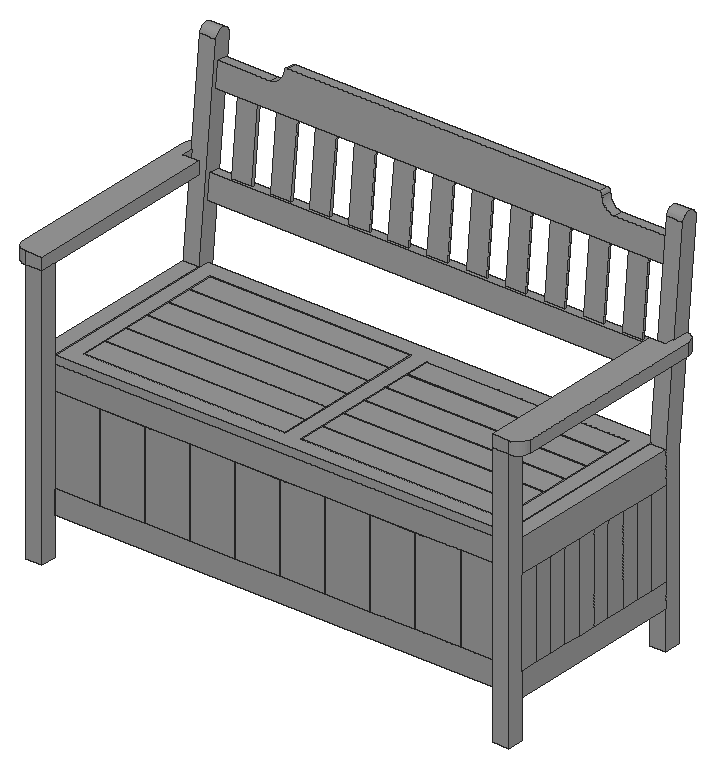
Revit family "Скамейка деревянная «Суздаль» Арт 15194", category Антураж, Revit 2018
Family settings
  На основе рабочей плоскости = Нет
  Всегда вертикально = Да
  При загрузке вырезать с полостями = Нет
  Источник визуального образа = Геометрия семейства
  Общий = Нет
  Точка расчета площади = Нет
Parameters (values of type "Скамейка деревянная «Суздаль»")
  Ширина = 581 mm  # constant formula
  Цвет лавки = Лиственница
  Описание = "Скамейка деревянная «Суздаль»"  # constant formula
  Материал изделия = "Дерево"  # constant formula
  Изображение типоразмера = Скамейка деревянная «Суздаль» Арт 15194.jpg
  Изготовитель = "ООО «Хоббика»"  # constant formula
  Длина = 1200 mm  # constant formula
  Группа модели = "Садовые скамейки"  # constant formula
  Высота = 951 mm  # constant formula
  Артикул товара = "Арт. 15194"  # constant formula
  URL = "https://hobbyka.ru/product/skameyka_derevyannaya_suzdal/"
Reference planes
  plane 1 "По центру (Вперед/Назад)": y = 0
  plane 2: z = 0
  plane 3 "По центру (Влево/Вправо)": x = 0
  plane 4: x = 1200
  plane 5: y = 581
  plane 6: z = 951
Forms (mm)
  Extrusion 1, solid, material "Лиственница" <- "Цвет лавки"
    sketch origin (0, 0, 0) x (0, 1, 0) y (0, 0, 1)
      loop
        line (0, 0) -> (40, 0) -> (40, 655) -> (0, 655) -> (0, 0)
      loop
        line (528.626, 431.648) -> (580.89, 928.909)
        arc (580.89, 928.909) -> (563.091, 950.89) -> (541.11, 933.091) r 20
        line (541.11, 933.091) -> (488.845, 435.83) -> (488.845, 0) -> (528.626, 0) -> (528.626, 431.648)
    from 0 to 40
  Extrusion 2, solid, material "Лиственница" <- "Цвет лавки"
    sketch origin (0, 0, 0) x (1, 0, 0) y (0, 1, 0)
      loop
        arc (0, 551) -> (-21.213, 542.213) -> (-30, 521) r 30
        line (-30, 521) -> (-30, 30)
        arc (-30, 30) -> (-21.213, 8.787) -> (0, 0) r 30
        line (0, 0) -> (40, 0) -> (40, 488.845) -> (0, 488.845) -> (0, 551)
    from 655 to 685
  Extrusion 3, solid, material "Лиственница" <- "Цвет лавки"
    sketch origin (1200, 0, 0) x (0, 1, 0) y (0, 0, -1)
      loop
        line (0, 0) -> (0, -655) -> (40, -655) -> (40, 0) -> (0, 0)
      loop
        line (528.626, -431.648) -> (528.626, 0) -> (488.845, 0) -> (488.845, -435.83) -> (541.11, -933.091)
        arc (541.11, -933.091) -> (563.091, -950.89) -> (580.89, -928.909) r 20
        line (580.89, -928.909) -> (528.626, -431.648)
    from 0 to 40
  Extrusion 4, solid, material "Лиственница" <- "Цвет лавки"
    sketch origin (1200, 0, 0) x (-1, 0, 0) y (0, -1, 0)
      loop
        line (0, -551) -> (0, -488.845) -> (40, -488.845) -> (40, 0) -> (0, 0)
        arc (0, 0) -> (-21.213, -8.787) -> (-30, -30) r 30
        line (-30, -30) -> (-30, -521)
        arc (-30, -521) -> (-21.213, -542.213) -> (0, -551) r 30
    from 655 to 685
  Extrusion 5, solid, material "Лиственница" <- "Цвет лавки"
    sketch origin (0, 0, 0) x (1, 0, 0) y (0, 0, 1)
      loop
        line (40, 430) -> (40, 370) -> (1160, 370) -> (1160, 430) -> (40, 430)
      loop
        line (40, 155) -> (40, 95) -> (1160, 95) -> (1160, 155) -> (40, 155)
    from -100 to -40
  Extrusion 6, solid, material "Лиственница" <- "Цвет лавки"
    sketch origin (0, 0, 0) x (1, 0, 0) y (0, 0, 1)
      loop
        line (40, 430) -> (40, 370) -> (1160, 370) -> (1160, 430) -> (40, 430)
      loop
        line (40, 155) -> (40, 95) -> (1160, 95) -> (1160, 155) -> (40, 155)
    from -455 to -515
  Extrusion 7, solid, material "Лиственница" <- "Цвет лавки"
    sketch origin (0, 460.949, -20.922) x (1, 0, 0) y (0, 0.104528, 0.994522)
      loop
        line (40, 911) -> (40, 851) -> (1160, 851) -> (1160, 911) -> (1027.5, 911)
        arc (1027.5, 911) -> (1004.519, 920.519) -> (995, 943.5) r 32.5
        arc (995, 943.5) -> (992.803, 948.803) -> (987.5, 951) r 7.5
        line (987.5, 951) -> (212.5, 951)
        arc (212.5, 951) -> (207.197, 948.803) -> (205, 943.5) r 7.5
        arc (205, 943.5) -> (195.481, 920.519) -> (172.5, 911) r 32.5
        line (172.5, 911) -> (40, 911)
      loop
        line (40, 671) -> (40, 611) -> (1160, 611) -> (1160, 671) -> (40, 671)
    from -12.5 to 12.5
  Extrusion 8, solid, material "Лиственница" <- "Цвет лавки"
    sketch origin (0, 0, 0) x (0, 1, 0) y (0, 0, 1)
      loop
        line (40, 155) -> (40, 95) -> (488.845, 95) -> (488.845, 155) -> (40, 155)
      loop
        line (40, 450) -> (40, 370) -> (488.845, 370) -> (488.845, 450) -> (40, 450)
    from 0 to 40
  Extrusion 9, solid, material "Лиственница" <- "Цвет лавки"
    sketch origin (1200, 0, 0) x (0, 1, 0) y (0, 0, -1)
      loop
        line (40, -155) -> (488.845, -155) -> (488.845, -95) -> (40, -95) -> (40, -155)
      loop
        line (40, -450) -> (488.845, -450) -> (488.845, -370) -> (40, -370) -> (40, -450)
    from 0 to 40
  Extrusion 10, solid, material "Лиственница" <- "Цвет лавки"
    sketch origin (0, 0, 0) x (1, 0, 0) y (0, 1, 0)
      loop
        line (1160, 512.384) -> (40, 512.384) -> (40, 40) -> (1160, 40) -> (1160, 512.384)
      loop
        line (1120, 472.384) -> (620, 472.384) -> (620, 80) -> (1120, 80) -> (1120, 472.384)
      loop
        line (80, 472.384) -> (80, 80) -> (580, 80) -> (580, 472.384) -> (80, 472.384)
    from 430 to 450
  Extrusion 11, solid, material "Лиственница" <- "Цвет лавки"
    sketch origin (0, 0, 0) x (1, 0, 0) y (0, 1, 0)
      loop
        line (80, 472.384) -> (80, 407.384) -> (580, 407.384) -> (580, 472.384) -> (80, 472.384)
      loop
        line (620, 472.384) -> (620, 407.384) -> (1120, 407.384) -> (1120, 472.384) -> (620, 472.384)
    from 430 to 450
  Extrusion 12, solid, material "Лиственница" <- "Цвет лавки"
    sketch origin (0, -327.384, 0) x (1, 0, 0) y (0, 1, 0)
      loop
        line (80, 472.384) -> (80, 407.384) -> (580, 407.384) -> (580, 472.384) -> (80, 472.384)
      loop
        line (620, 472.384) -> (620, 407.384) -> (1120, 407.384) -> (1120, 472.384) -> (620, 472.384)
    from 430 to 450
  Extrusion 13, solid, material "Лиственница" <- "Цвет лавки"
    sketch origin (0, -65.477, 0) x (1, 0, 0) y (0, 1, 0)
      loop
        line (80, 472.384) -> (80, 407.384) -> (580, 407.384) -> (580, 472.384) -> (80, 472.384)
      loop
        line (620, 472.384) -> (620, 407.384) -> (1120, 407.384) -> (1120, 472.384) -> (620, 472.384)
    from 430 to 450
  Extrusion 14, solid, material "Лиственница" <- "Цвет лавки"
    sketch origin (0, -130.954, 0) x (1, 0, 0) y (0, 1, 0)
      loop
        line (80, 472.384) -> (80, 407.384) -> (580, 407.384) -> (580, 472.384) -> (80, 472.384)
      loop
        line (620, 472.384) -> (620, 407.384) -> (1120, 407.384) -> (1120, 472.384) -> (620, 472.384)
    from 430 to 450
  Extrusion 15, solid, material "Лиственница" <- "Цвет лавки"
    sketch origin (0, -196.431, 0) x (1, 0, 0) y (0, 1, 0)
      loop
        line (80, 472.384) -> (80, 407.384) -> (580, 407.384) -> (580, 472.384) -> (80, 472.384)
      loop
        line (620, 472.384) -> (620, 407.384) -> (1120, 407.384) -> (1120, 472.384) -> (620, 472.384)
    from 430 to 450
  Extrusion 16, solid, material "Лиственница" <- "Цвет лавки"
    sketch origin (0, -261.907, 0) x (1, 0, 0) y (0, 1, 0)
      loop
        line (80, 472.384) -> (80, 407.384) -> (580, 407.384) -> (580, 472.384) -> (80, 472.384)
      loop
        line (620, 472.384) -> (620, 407.384) -> (1120, 407.384) -> (1120, 472.384) -> (620, 472.384)
    from 430 to 450
  Extrusion 17, solid, material "Лиственница" <- "Цвет лавки"
    sketch origin (0, 448.517, -19.616) x (1, 0, 0) y (0, 0.104528, 0.994522)
      loop
        line (90, 851) -> (90, 671) -> (140, 671) -> (140, 851) -> (90, 851)
    from -15 to -10
  Extrusion 18, solid, material "Лиственница" <- "Цвет лавки"
    sketch origin (970, 448.517, -19.616) x (1, 0, 0) y (0, 0.104528, 0.994522)
      loop
        line (90, 851) -> (90, 671) -> (140, 671) -> (140, 851) -> (90, 851)
    from -15 to -10
  Extrusion 19, solid, material "Лиственница" <- "Цвет лавки"
    sketch origin (97, 448.517, -19.616) x (1, 0, 0) y (0, 0.104528, 0.994522)
      loop
        line (90, 851) -> (90, 671) -> (140, 671) -> (140, 851) -> (90, 851)
    from -15 to -10
  Extrusion 20, solid, material "Лиственница" <- "Цвет лавки"
    sketch origin (194, 448.517, -19.616) x (1, 0, 0) y (0, 0.104528, 0.994522)
      loop
        line (90, 851) -> (90, 671) -> (140, 671) -> (140, 851) -> (90, 851)
    from -15 to -10
  Extrusion 21, solid, material "Лиственница" <- "Цвет лавки"
    sketch origin (291, 448.517, -19.616) x (1, 0, 0) y (0, 0.104528, 0.994522)
      loop
        line (90, 851) -> (90, 671) -> (140, 671) -> (140, 851) -> (90, 851)
    from -15 to -10
  Extrusion 22, solid, material "Лиственница" <- "Цвет лавки"
    sketch origin (388, 448.517, -19.616) x (1, 0, 0) y (0, 0.104528, 0.994522)
      loop
        line (90, 851) -> (90, 671) -> (140, 671) -> (140, 851) -> (90, 851)
    from -15 to -10
  Extrusion 23, solid, material "Лиственница" <- "Цвет лавки"
    sketch origin (485, 448.517, -19.616) x (1, 0, 0) y (0, 0.104528, 0.994522)
      loop
        line (90, 851) -> (90, 671) -> (140, 671) -> (140, 851) -> (90, 851)
    from -15 to -10
  Extrusion 24, solid, material "Лиственница" <- "Цвет лавки"
    sketch origin (582, 448.517, -19.616) x (1, 0, 0) y (0, 0.104528, 0.994522)
      loop
        line (90, 851) -> (90, 671) -> (140, 671) -> (140, 851) -> (90, 851)
    from -15 to -10
  Extrusion 25, solid, material "Лиственница" <- "Цвет лавки"
    sketch origin (679, 448.517, -19.616) x (1, 0, 0) y (0, 0.104528, 0.994522)
      loop
        line (90, 851) -> (90, 671) -> (140, 671) -> (140, 851) -> (90, 851)
    from -15 to -10
  Extrusion 26, solid, material "Лиственница" <- "Цвет лавки"
    sketch origin (776, 448.517, -19.616) x (1, 0, 0) y (0, 0.104528, 0.994522)
      loop
        line (90, 851) -> (90, 671) -> (140, 671) -> (140, 851) -> (90, 851)
    from -15 to -10
  Extrusion 27, solid, material "Лиственница" <- "Цвет лавки"
    sketch origin (873, 448.517, -19.616) x (1, 0, 0) y (0, 0.104528, 0.994522)
      loop
        line (90, 851) -> (90, 671) -> (140, 671) -> (140, 851) -> (90, 851)
    from -15 to -10
  Extrusion 28, solid, material "Лиственница" <- "Цвет лавки"
    sketch origin (0, 0, 0) x (1, 0, 0) y (0, 0, 1)
      loop
        line (40, 370) -> (40, 155) -> (152, 155) -> (152, 370) -> (40, 370)
    from -40 to -58.282
  Extrusion 29, solid, material "Лиственница" <- "Цвет лавки"
    sketch origin (1008, 0, 0) x (1, 0, 0) y (0, 0, 1)
      loop
        line (40, 370) -> (40, 155) -> (152, 155) -> (152, 370) -> (40, 370)
    from -40 to -58.282
  Extrusion 30, solid, material "Лиственница" <- "Цвет лавки"
    sketch origin (112, 0, 0) x (1, 0, 0) y (0, 0, 1)
      loop
        line (40, 370) -> (40, 155) -> (152, 155) -> (152, 370) -> (40, 370)
    from -40 to -58.282
  Extrusion 31, solid, material "Лиственница" <- "Цвет лавки"
    sketch origin (224, 0, 0) x (1, 0, 0) y (0, 0, 1)
      loop
        line (40, 370) -> (40, 155) -> (152, 155) -> (152, 370) -> (40, 370)
    from -40 to -58.282
  Extrusion 32, solid, material "Лиственница" <- "Цвет лавки"
    sketch origin (336, 0, 0) x (1, 0, 0) y (0, 0, 1)
      loop
        line (40, 370) -> (40, 155) -> (152, 155) -> (152, 370) -> (40, 370)
    from -40 to -58.282
  Extrusion 33, solid, material "Лиственница" <- "Цвет лавки"
    sketch origin (448, 0, 0) x (1, 0, 0) y (0, 0, 1)
      loop
        line (40, 370) -> (40, 155) -> (152, 155) -> (152, 370) -> (40, 370)
    from -40 to -58.282
  Extrusion 34, solid, material "Лиственница" <- "Цвет лавки"
    sketch origin (560, 0, 0) x (1, 0, 0) y (0, 0, 1)
      loop
        line (40, 370) -> (40, 155) -> (152, 155) -> (152, 370) -> (40, 370)
    from -40 to -58.282
  Extrusion 35, solid, material "Лиственница" <- "Цвет лавки"
    sketch origin (672, 0, 0) x (1, 0, 0) y (0, 0, 1)
      loop
        line (40, 370) -> (40, 155) -> (152, 155) -> (152, 370) -> (40, 370)
    from -40 to -58.282
  Extrusion 36, solid, material "Лиственница" <- "Цвет лавки"
    sketch origin (784, 0, 0) x (1, 0, 0) y (0, 0, 1)
      loop
        line (40, 370) -> (40, 155) -> (152, 155) -> (152, 370) -> (40, 370)
    from -40 to -58.282
  Extrusion 37, solid, material "Лиственница" <- "Цвет лавки"
    sketch origin (896, 0, 0) x (1, 0, 0) y (0, 0, 1)
      loop
        line (40, 370) -> (40, 155) -> (152, 155) -> (152, 370) -> (40, 370)
    from -40 to -58.282
  Extrusion 38, solid, material "Лиственница" <- "Цвет лавки"
    sketch origin (0, 528.626, 0) x (1, 0, 0) y (0, 0, -1)
      loop
        line (40, -370) -> (152, -370) -> (152, -155) -> (40, -155) -> (40, -370)
    from -40 to -58.282
  Extrusion 39, solid, material "Лиственница" <- "Цвет лавки"
    sketch origin (1008, 528.626, 0) x (1, 0, 0) y (0, 0, -1)
      loop
        line (40, -370) -> (152, -370) -> (152, -155) -> (40, -155) -> (40, -370)
    from -40 to -58.282
  Extrusion 40, solid, material "Лиственница" <- "Цвет лавки"
    sketch origin (112, 528.626, 0) x (1, 0, 0) y (0, 0, -1)
      loop
        line (40, -370) -> (152, -370) -> (152, -155) -> (40, -155) -> (40, -370)
    from -40 to -58.282
  Extrusion 41, solid, material "Лиственница" <- "Цвет лавки"
    sketch origin (224, 528.626, 0) x (1, 0, 0) y (0, 0, -1)
      loop
        line (40, -370) -> (152, -370) -> (152, -155) -> (40, -155) -> (40, -370)
    from -40 to -58.282
  Extrusion 42, solid, material "Лиственница" <- "Цвет лавки"
    sketch origin (336, 528.626, 0) x (1, 0, 0) y (0, 0, -1)
      loop
        line (40, -370) -> (152, -370) -> (152, -155) -> (40, -155) -> (40, -370)
    from -40 to -58.282
  Extrusion 43, solid, material "Лиственница" <- "Цвет лавки"
    sketch origin (448, 528.626, 0) x (1, 0, 0) y (0, 0, -1)
      loop
        line (40, -370) -> (152, -370) -> (152, -155) -> (40, -155) -> (40, -370)
    from -40 to -58.282
  Extrusion 44, solid, material "Лиственница" <- "Цвет лавки"
    sketch origin (560, 528.626, 0) x (1, 0, 0) y (0, 0, -1)
      loop
        line (40, -370) -> (152, -370) -> (152, -155) -> (40, -155) -> (40, -370)
    from -40 to -58.282
  Extrusion 45, solid, material "Лиственница" <- "Цвет лавки"
    sketch origin (672, 528.626, 0) x (1, 0, 0) y (0, 0, -1)
      loop
        line (40, -370) -> (152, -370) -> (152, -155) -> (40, -155) -> (40, -370)
    from -40 to -58.282
  Extrusion 46, solid, material "Лиственница" <- "Цвет лавки"
    sketch origin (784, 528.626, 0) x (1, 0, 0) y (0, 0, -1)
      loop
        line (40, -370) -> (152, -370) -> (152, -155) -> (40, -155) -> (40, -370)
    from -40 to -58.282
  Extrusion 47, solid, material "Лиственница" <- "Цвет лавки"
    sketch origin (896, 528.626, 0) x (1, 0, 0) y (0, 0, -1)
      loop
        line (40, -370) -> (152, -370) -> (152, -155) -> (40, -155) -> (40, -370)
    from -40 to -58.282
  Extrusion 48, solid, material "Лиственница" <- "Цвет лавки"
    sketch origin (0, 0, 0) x (1, 0, 0) y (0, 1, 0)
      loop
        line (40, 455) -> (40, 100) -> (1160, 100) -> (1160, 455) -> (40, 455)
    from 95 to 112.35
  Extrusion 49, solid, material "Лиственница" <- "Цвет лавки"
    sketch origin (0, 0, 0) x (0, 1, 0) y (0, 0, 1)
      loop
        line (488.845, 370) -> (443.945, 370) -> (443.945, 155) -> (488.845, 155) -> (488.845, 370)
    from 0 to 40
  Extrusion 50, solid, material "Лиственница" <- "Цвет лавки"
    sketch origin (0, -403.945, 0) x (0, 1, 0) y (0, 0, 1)
      loop
        line (488.845, 370) -> (443.945, 370) -> (443.945, 155) -> (488.845, 155) -> (488.845, 370)
    from 0 to 40
  Extrusion 51, solid, material "Лиственница" <- "Цвет лавки"
    sketch origin (0, -44.883, 0) x (0, 1, 0) y (0, 0, 1)
      loop
        line (488.845, 370) -> (443.945, 370) -> (443.945, 155) -> (488.845, 155) -> (488.845, 370)
    from 0 to 40
  Extrusion 52, solid, material "Лиственница" <- "Цвет лавки"
    sketch origin (0, -89.766, 0) x (0, 1, 0) y (0, 0, 1)
      loop
        line (488.845, 370) -> (443.945, 370) -> (443.945, 155) -> (488.845, 155) -> (488.845, 370)
    from 0 to 40
  Extrusion 53, solid, material "Лиственница" <- "Цвет лавки"
    sketch origin (0, -134.648, 0) x (0, 1, 0) y (0, 0, 1)
      loop
        line (488.845, 370) -> (443.945, 370) -> (443.945, 155) -> (488.845, 155) -> (488.845, 370)
    from 0 to 40
  Extrusion 54, solid, material "Лиственница" <- "Цвет лавки"
    sketch origin (0, -179.531, 0) x (0, 1, 0) y (0, 0, 1)
      loop
        line (488.845, 370) -> (443.945, 370) -> (443.945, 155) -> (488.845, 155) -> (488.845, 370)
    from 0 to 40
  Extrusion 55, solid, material "Лиственница" <- "Цвет лавки"
    sketch origin (0, -224.414, 0) x (0, 1, 0) y (0, 0, 1)
      loop
        line (488.845, 370) -> (443.945, 370) -> (443.945, 155) -> (488.845, 155) -> (488.845, 370)
    from 0 to 40
  Extrusion 56, solid, material "Лиственница" <- "Цвет лавки"
    sketch origin (0, -269.297, 0) x (0, 1, 0) y (0, 0, 1)
      loop
        line (488.845, 370) -> (443.945, 370) -> (443.945, 155) -> (488.845, 155) -> (488.845, 370)
    from 0 to 40
  Extrusion 57, solid, material "Лиственница" <- "Цвет лавки"
    sketch origin (0, -314.18, 0) x (0, 1, 0) y (0, 0, 1)
      loop
        line (488.845, 370) -> (443.945, 370) -> (443.945, 155) -> (488.845, 155) -> (488.845, 370)
    from 0 to 40
  Extrusion 58, solid, material "Лиственница" <- "Цвет лавки"
    sketch origin (0, -359.063, 0) x (0, 1, 0) y (0, 0, 1)
      loop
        line (488.845, 370) -> (443.945, 370) -> (443.945, 155) -> (488.845, 155) -> (488.845, 370)
    from 0 to 40
  Extrusion 59, solid, material "Лиственница" <- "Цвет лавки"
    sketch origin (1200, 0, 0) x (0, 1, 0) y (0, 0, -1)
      loop
        line (488.845, -370) -> (488.845, -155) -> (443.945, -155) -> (443.945, -370) -> (488.845, -370)
    from 0 to 40
  Extrusion 60, solid, material "Лиственница" <- "Цвет лавки"
    sketch origin (1200, -403.945, 0) x (0, 1, 0) y (0, 0, -1)
      loop
        line (488.845, -370) -> (488.845, -155) -> (443.945, -155) -> (443.945, -370) -> (488.845, -370)
    from 0 to 40
  Extrusion 61, solid, material "Лиственница" <- "Цвет лавки"
    sketch origin (1200, -44.883, 0) x (0, 1, 0) y (0, 0, -1)
      loop
        line (488.845, -370) -> (488.845, -155) -> (443.945, -155) -> (443.945, -370) -> (488.845, -370)
    from 0 to 40
  Extrusion 62, solid, material "Лиственница" <- "Цвет лавки"
    sketch origin (1200, -89.766, 0) x (0, 1, 0) y (0, 0, -1)
      loop
        line (488.845, -370) -> (488.845, -155) -> (443.945, -155) -> (443.945, -370) -> (488.845, -370)
    from 0 to 40
  Extrusion 63, solid, material "Лиственница" <- "Цвет лавки"
    sketch origin (1200, -134.648, 0) x (0, 1, 0) y (0, 0, -1)
      loop
        line (488.845, -370) -> (488.845, -155) -> (443.945, -155) -> (443.945, -370) -> (488.845, -370)
    from 0 to 40
  Extrusion 64, solid, material "Лиственница" <- "Цвет лавки"
    sketch origin (1200, -179.531, 0) x (0, 1, 0) y (0, 0, -1)
      loop
        line (488.845, -370) -> (488.845, -155) -> (443.945, -155) -> (443.945, -370) -> (488.845, -370)
    from 0 to 40
  Extrusion 65, solid, material "Лиственница" <- "Цвет лавки"
    sketch origin (1200, -224.414, 0) x (0, 1, 0) y (0, 0, -1)
      loop
        line (488.845, -370) -> (488.845, -155) -> (443.945, -155) -> (443.945, -370) -> (488.845, -370)
    from 0 to 40
  Extrusion 66, solid, material "Лиственница" <- "Цвет лавки"
    sketch origin (1200, -269.297, 0) x (0, 1, 0) y (0, 0, -1)
      loop
        line (488.845, -370) -> (488.845, -155) -> (443.945, -155) -> (443.945, -370) -> (488.845, -370)
    from 0 to 40
  Extrusion 67, solid, material "Лиственница" <- "Цвет лавки"
    sketch origin (1200, -314.18, 0) x (0, 1, 0) y (0, 0, -1)
      loop
        line (488.845, -370) -> (488.845, -155) -> (443.945, -155) -> (443.945, -370) -> (488.845, -370)
    from 0 to 40
  Extrusion 68, solid, material "Лиственница" <- "Цвет лавки"
    sketch origin (1200, -359.063, 0) x (0, 1, 0) y (0, 0, -1)
      loop
        line (488.845, -370) -> (488.845, -155) -> (443.945, -155) -> (443.945, -370) -> (488.845, -370)
    from 0 to 40
Dimensions and locks
  "Длина": plane 3 "По центру (Влево/Вправо)" to plane 4
  "Ширина": plane 5 to plane 1 "По центру (Вперед/Назад)"
  "Высота": plane 6 to plane 2
  aligned and locked: level to plane 2
Automatic sketch dimensions
  Extrusion 1 sketch curve to plane 1 "По центру (Вперед/Назад)" = 0 mm
  Extrusion 1 sketch curve to level = 0 mm  (x2)
  Extrusion 1 sketch curve to plane 1 "По центру (Вперед/Назад)" = 40 mm
  Extrusion 1 sketch curve to plane 5 = 92.155 mm
  Extrusion 1 sketch curve to Extrusion 1 sketch curve = 39.781 mm
  Extrusion 1 sketch curve to plane 6 = 17.909 mm
  Extrusion 1 sketch curve to plane 5 = 39.89 mm
  Extrusion 1 sketch curve to plane 5 = 20 mm
  Extrusion 1 sketch curve to plane 5 = 0.11 mm
  level to Extrusion 1 sketch curve = 431.648 mm
  Extrusion 1 sketch curve to Extrusion 1 sketch curve = 4.181 mm
  Extrusion 1 sketch curve to plane 6 = 296 mm
  Extrusion 1 sketch curve to plane 6 = 22.091 mm
  plane 1 "По центру (Вперед/Назад)" to Extrusion 2 sketch curve = 0 mm
  Extrusion 2 sketch curve to plane 3 "По центру (Влево/Вправо)" = 0 mm  (x2)
  Extrusion 2 sketch curve to plane 1 "По центру (Вперед/Назад)" = 30 mm
  plane 3 "По центру (Влево/Вправо)" to Extrusion 2 sketch curve = 40 mm
  Extrusion 2 sketch curve to plane 5 = 92.155 mm
  Extrusion 2 sketch curve to Extrusion 2 sketch curve = 32.155 mm
  Extrusion 3 sketch curve to plane 1 "По центру (Вперед/Назад)" = 0 mm
  Extrusion 3 sketch curve to level = 0 mm  (x2)
  Extrusion 3 sketch curve to plane 1 "По центру (Вперед/Назад)" = 40 mm
  Extrusion 3 sketch curve to plane 5 = 92.155 mm
  Extrusion 3 sketch curve to Extrusion 3 sketch curve = 39.781 mm
  Extrusion 3 sketch curve to plane 6 = 17.909 mm
  Extrusion 3 sketch curve to plane 5 = 39.89 mm
  Extrusion 3 sketch curve to plane 5 = 20 mm
  Extrusion 3 sketch curve to plane 5 = 0.11 mm
  Extrusion 3 sketch curve to Extrusion 3 sketch curve = 2.091 mm
  Extrusion 3 sketch curve to plane 6 = 296 mm
  level to Extrusion 3 sketch curve = 435.83 mm
  Extrusion 3 sketch curve to Extrusion 3 sketch curve = 4.181 mm
  plane 1 "По центру (Вперед/Назад)" to Extrusion 4 sketch curve = 0 mm
  Extrusion 4 sketch curve to plane 4 = 0 mm  (x2)
  plane 1 "По центру (Вперед/Назад)" to Extrusion 4 sketch curve = 30 mm
  Extrusion 4 sketch curve to Extrusion 4 sketch curve = 40 mm
  plane 5 to Extrusion 4 sketch curve = 92.155 mm
  Extrusion 4 sketch curve to Extrusion 4 sketch curve = 32.155 mm
  plane 3 "По центру (Влево/Вправо)" to Extrusion 5 sketch curve = 40 mm  (x2)
  Extrusion 5 sketch curve to plane 4 = 40 mm  (x2)
  level to Extrusion 5 sketch curve = 95 mm
  Extrusion 5 sketch curve to Extrusion 5 sketch curve = 60 mm  (x2)
  Extrusion 5 sketch curve to Extrusion 5 sketch curve = 215 mm
  plane 3 "По центру (Влево/Вправо)" to Extrusion 6 sketch curve = 40 mm  (x2)
  Extrusion 6 sketch curve to plane 4 = 40 mm  (x2)
  level to Extrusion 6 sketch curve = 95 mm
  Extrusion 6 sketch curve to Extrusion 6 sketch curve = 60 mm  (x2)
  Extrusion 6 sketch curve to Extrusion 6 sketch curve = 215 mm
  plane 3 "По центру (Влево/Вправо)" to Extrusion 7 sketch curve = 40 mm  (x2)
  Extrusion 7 sketch curve to Extrusion 7 sketch curve = 132.5 mm
  Extrusion 7 sketch curve to Extrusion 7 sketch curve = 40 mm  (x2)
  Extrusion 7 sketch curve to plane 4 = 212.5 mm
  Extrusion 7 sketch curve to plane 4 = 40 mm  (x2)
  Extrusion 7 sketch curve to Extrusion 7 sketch curve = 60 mm  (x3)
  Extrusion 7 sketch curve to Extrusion 7 sketch curve = 180 mm
  Extrusion 7 sketch curve to Extrusion 7 sketch curve = 32.5 mm  (x2)
  Extrusion 7 sketch curve to Extrusion 7 sketch curve = 7.5 mm
  Extrusion 8 sketch curve to plane 1 "По центру (Вперед/Назад)" = 40 mm  (x2)
  Extrusion 8 sketch curve to plane 5 = 92.155 mm  (x2)
  level to Extrusion 8 sketch curve = 95 mm
  Extrusion 8 sketch curve to Extrusion 8 sketch curve = 60 mm
  Extrusion 8 sketch curve to Extrusion 8 sketch curve = 215 mm
  Extrusion 8 sketch curve to Extrusion 8 sketch curve = 80 mm
  Extrusion 9 sketch curve to plane 1 "По центру (Вперед/Назад)" = 40 mm  (x2)
  Extrusion 9 sketch curve to plane 5 = 92.155 mm  (x2)
  level to Extrusion 9 sketch curve = 450 mm
  Extrusion 9 sketch curve to Extrusion 9 sketch curve = 80 mm
  level to Extrusion 9 sketch curve = 155 mm
  Extrusion 9 sketch curve to Extrusion 9 sketch curve = 60 mm
  plane 3 "По центру (Влево/Вправо)" to Extrusion 10 sketch curve = 40 mm
  Extrusion 10 sketch curve to Extrusion 10 sketch curve = 40 mm  (x3)
  Extrusion 10 sketch curve to plane 5 = 108.616 mm
  Extrusion 10 sketch curve to Extrusion 10 sketch curve = 500 mm
  Extrusion 10 sketch curve to plane 4 = 80 mm
  Extrusion 10 sketch curve to plane 4 = 40 mm
  Extrusion 10 sketch curve to plane 1 "По центру (Вперед/Назад)" = 80 mm  (x2)
  Extrusion 10 sketch curve to plane 1 "По центру (Вперед/Назад)" = 40 mm
  Extrusion 10 sketch curve to Extrusion 10 sketch curve = 0 mm
  plane 3 "По центру (Влево/Вправо)" to Extrusion 11 sketch curve = 80 mm
  Extrusion 11 sketch curve to plane 5 = 173.616 mm  (x2)
  Extrusion 11 sketch curve to Extrusion 11 sketch curve = 500 mm
  Extrusion 11 sketch curve to Extrusion 11 sketch curve = 40 mm
  Extrusion 11 sketch curve to plane 4 = 80 mm
  Extrusion 11 sketch curve to Extrusion 11 sketch curve = 65 mm  (x2)
  plane 3 "По центру (Влево/Вправо)" to Extrusion 12 sketch curve = 80 mm
  Extrusion 12 sketch curve to plane 1 "По центру (Вперед/Назад)" = 80 mm  (x2)
  Extrusion 12 sketch curve to Extrusion 12 sketch curve = 500 mm
  Extrusion 12 sketch curve to Extrusion 12 sketch curve = 40 mm
  Extrusion 12 sketch curve to plane 4 = 80 mm
  Extrusion 12 sketch curve to Extrusion 12 sketch curve = 65 mm  (x2)
  plane 3 "По центру (Влево/Вправо)" to Extrusion 13 sketch curve = 80 mm
  Extrusion 13 sketch curve to plane 5 = 239.093 mm  (x2)
  Extrusion 13 sketch curve to Extrusion 13 sketch curve = 500 mm
  Extrusion 13 sketch curve to Extrusion 13 sketch curve = 40 mm
  Extrusion 13 sketch curve to plane 4 = 80 mm
  Extrusion 13 sketch curve to Extrusion 13 sketch curve = 65 mm  (x2)
  plane 3 "По центру (Влево/Вправо)" to Extrusion 14 sketch curve = 80 mm
  Extrusion 14 sketch curve to Extrusion 14 sketch curve = 500 mm
  Extrusion 14 sketch curve to Extrusion 14 sketch curve = 40 mm
  Extrusion 14 sketch curve to plane 4 = 80 mm
  Extrusion 14 sketch curve to plane 1 "По центру (Вперед/Назад)" = 276.431 mm  (x2)
  Extrusion 14 sketch curve to Extrusion 14 sketch curve = 65 mm  (x2)
  plane 3 "По центру (Влево/Вправо)" to Extrusion 15 sketch curve = 80 mm
  Extrusion 15 sketch curve to plane 1 "По центру (Вперед/Назад)" = 210.954 mm  (x2)
  Extrusion 15 sketch curve to Extrusion 15 sketch curve = 500 mm
  Extrusion 15 sketch curve to Extrusion 15 sketch curve = 40 mm
  Extrusion 15 sketch curve to plane 4 = 80 mm
  Extrusion 15 sketch curve to Extrusion 15 sketch curve = 65 mm  (x2)
  plane 3 "По центру (Влево/Вправо)" to Extrusion 16 sketch curve = 80 mm
  Extrusion 16 sketch curve to plane 1 "По центру (Вперед/Назад)" = 145.477 mm  (x2)
  Extrusion 16 sketch curve to Extrusion 16 sketch curve = 500 mm
  Extrusion 16 sketch curve to Extrusion 16 sketch curve = 40 mm
  Extrusion 16 sketch curve to plane 4 = 80 mm
  Extrusion 16 sketch curve to Extrusion 16 sketch curve = 65 mm  (x2)
  Extrusion 17 sketch curve to Extrusion 7 = 0 mm
  Extrusion 7 to Extrusion 17 sketch curve = 0 mm
  Extrusion 17 sketch curve to Extrusion 7 = 50 mm
  Extrusion 17 sketch curve to Extrusion 17 sketch curve = 50 mm
  Extrusion 18 sketch curve to Extrusion 7 = 0 mm
  Extrusion 7 to Extrusion 18 sketch curve = 0 mm
  Extrusion 18 sketch curve to Extrusion 7 = 100 mm
  Extrusion 18 sketch curve to Extrusion 7 = 50 mm
  Extrusion 19 sketch curve to Extrusion 7 = 0 mm
  Extrusion 7 to Extrusion 19 sketch curve = 0 mm
  Extrusion 19 sketch curve to Extrusion 7 = 147 mm
  Extrusion 19 sketch curve to Extrusion 19 sketch curve = 50 mm
  Extrusion 20 sketch curve to Extrusion 7 = 0 mm
  Extrusion 7 to Extrusion 20 sketch curve = 0 mm
  Extrusion 20 sketch curve to Extrusion 7 = 244 mm
  Extrusion 20 sketch curve to Extrusion 20 sketch curve = 50 mm
  Extrusion 21 sketch curve to Extrusion 7 = 0 mm
  Extrusion 7 to Extrusion 21 sketch curve = 0 mm
  Extrusion 21 sketch curve to Extrusion 7 = 341 mm
  Extrusion 21 sketch curve to Extrusion 21 sketch curve = 50 mm
  Extrusion 22 sketch curve to Extrusion 7 = 0 mm
  Extrusion 7 to Extrusion 22 sketch curve = 0 mm
  Extrusion 22 sketch curve to Extrusion 7 = 438 mm
  Extrusion 22 sketch curve to Extrusion 22 sketch curve = 50 mm
  Extrusion 23 sketch curve to Extrusion 7 = 0 mm
  Extrusion 7 to Extrusion 23 sketch curve = 0 mm
  Extrusion 23 sketch curve to Extrusion 7 = 535 mm
  Extrusion 23 sketch curve to Extrusion 23 sketch curve = 50 mm
  Extrusion 24 sketch curve to Extrusion 7 = 0 mm
  Extrusion 7 to Extrusion 24 sketch curve = 0 mm
  Extrusion 24 sketch curve to Extrusion 7 = 488 mm
  Extrusion 24 sketch curve to Extrusion 24 sketch curve = 50 mm
  Extrusion 25 sketch curve to Extrusion 7 = 0 mm
  Extrusion 7 to Extrusion 25 sketch curve = 0 mm
  Extrusion 25 sketch curve to Extrusion 7 = 391 mm
  Extrusion 25 sketch curve to Extrusion 25 sketch curve = 50 mm
  Extrusion 26 sketch curve to Extrusion 7 = 0 mm
  Extrusion 7 to Extrusion 26 sketch curve = 0 mm
  Extrusion 26 sketch curve to Extrusion 7 = 294 mm
  Extrusion 26 sketch curve to Extrusion 26 sketch curve = 50 mm
  Extrusion 27 sketch curve to Extrusion 7 = 0 mm
  Extrusion 7 to Extrusion 27 sketch curve = 0 mm
  Extrusion 27 sketch curve to Extrusion 7 = 197 mm
  Extrusion 27 sketch curve to Extrusion 27 sketch curve = 50 mm
  plane 3 "По центру (Влево/Вправо)" to Extrusion 28 sketch curve = 40 mm
  Extrusion 28 sketch curve to Extrusion 28 sketch curve = 112 mm
  level to Extrusion 28 sketch curve = 155 mm
  Extrusion 28 sketch curve to Extrusion 28 sketch curve = 215 mm
  Extrusion 29 sketch curve to plane 4 = 152 mm
  Extrusion 29 sketch curve to plane 4 = 40 mm
  level to Extrusion 29 sketch curve = 155 mm
  Extrusion 29 sketch curve to Extrusion 29 sketch curve = 215 mm
  plane 3 "По центру (Влево/Вправо)" to Extrusion 30 sketch curve = 152 mm
  Extrusion 30 sketch curve to Extrusion 30 sketch curve = 112 mm
  level to Extrusion 30 sketch curve = 155 mm
  Extrusion 30 sketch curve to Extrusion 30 sketch curve = 215 mm
  plane 3 "По центру (Влево/Вправо)" to Extrusion 31 sketch curve = 264 mm
  Extrusion 31 sketch curve to Extrusion 31 sketch curve = 112 mm
  level to Extrusion 31 sketch curve = 155 mm
  Extrusion 31 sketch curve to Extrusion 31 sketch curve = 215 mm
  level to Extrusion 32 sketch curve = 155 mm
  plane 3 "По центру (Влево/Вправо)" to Extrusion 32 sketch curve = 376 mm
  Extrusion 32 sketch curve to Extrusion 32 sketch curve = 112 mm
  Extrusion 32 sketch curve to Extrusion 32 sketch curve = 215 mm
  level to Extrusion 33 sketch curve = 155 mm
  plane 3 "По центру (Влево/Вправо)" to Extrusion 33 sketch curve = 488 mm
  Extrusion 33 sketch curve to Extrusion 33 sketch curve = 112 mm
  Extrusion 33 sketch curve to Extrusion 33 sketch curve = 215 mm
  level to Extrusion 34 sketch curve = 155 mm
  plane 3 "По центру (Влево/Вправо)" to Extrusion 34 sketch curve = 600 mm
  Extrusion 34 sketch curve to Extrusion 34 sketch curve = 112 mm
  Extrusion 34 sketch curve to Extrusion 34 sketch curve = 215 mm
  level to Extrusion 35 sketch curve = 155 mm
  Extrusion 35 sketch curve to plane 4 = 488 mm
  Extrusion 35 sketch curve to Extrusion 35 sketch curve = 112 mm
  Extrusion 35 sketch curve to Extrusion 35 sketch curve = 215 mm
  level to Extrusion 36 sketch curve = 155 mm
  Extrusion 36 sketch curve to plane 4 = 376 mm
  Extrusion 36 sketch curve to Extrusion 36 sketch curve = 112 mm
  Extrusion 36 sketch curve to Extrusion 36 sketch curve = 215 mm
  Extrusion 37 sketch curve to plane 4 = 264 mm
  Extrusion 37 sketch curve to Extrusion 37 sketch curve = 112 mm
  level to Extrusion 37 sketch curve = 155 mm
  Extrusion 37 sketch curve to Extrusion 37 sketch curve = 215 mm
  plane 3 "По центру (Влево/Вправо)" to Extrusion 38 sketch curve = 40 mm
  Extrusion 38 sketch curve to Extrusion 38 sketch curve = 112 mm
  level to Extrusion 38 sketch curve = 370 mm
  level to Extrusion 38 sketch curve = 155 mm
  Extrusion 39 sketch curve to plane 4 = 152 mm
  Extrusion 39 sketch curve to plane 4 = 40 mm
  level to Extrusion 39 sketch curve = 370 mm
  level to Extrusion 39 sketch curve = 155 mm
  plane 3 "По центру (Влево/Вправо)" to Extrusion 40 sketch curve = 152 mm
  Extrusion 40 sketch curve to Extrusion 40 sketch curve = 112 mm
  level to Extrusion 40 sketch curve = 370 mm
  level to Extrusion 40 sketch curve = 155 mm
  plane 3 "По центру (Влево/Вправо)" to Extrusion 41 sketch curve = 264 mm
  Extrusion 41 sketch curve to Extrusion 41 sketch curve = 112 mm
  level to Extrusion 41 sketch curve = 370 mm
  level to Extrusion 41 sketch curve = 155 mm
  level to Extrusion 42 sketch curve = 155 mm
  plane 3 "По центру (Влево/Вправо)" to Extrusion 42 sketch curve = 376 mm
  Extrusion 42 sketch curve to Extrusion 42 sketch curve = 112 mm
  Extrusion 42 sketch curve to Extrusion 42 sketch curve = 215 mm
  level to Extrusion 43 sketch curve = 155 mm
  plane 3 "По центру (Влево/Вправо)" to Extrusion 43 sketch curve = 488 mm
  Extrusion 43 sketch curve to Extrusion 43 sketch curve = 112 mm
  Extrusion 43 sketch curve to Extrusion 43 sketch curve = 215 mm
  level to Extrusion 44 sketch curve = 155 mm
  plane 3 "По центру (Влево/Вправо)" to Extrusion 44 sketch curve = 600 mm
  Extrusion 44 sketch curve to Extrusion 44 sketch curve = 112 mm
  Extrusion 44 sketch curve to Extrusion 44 sketch curve = 215 mm
  level to Extrusion 45 sketch curve = 155 mm
  Extrusion 45 sketch curve to plane 4 = 488 mm
  Extrusion 45 sketch curve to Extrusion 45 sketch curve = 112 mm
  Extrusion 45 sketch curve to Extrusion 45 sketch curve = 215 mm
  level to Extrusion 46 sketch curve = 155 mm
  Extrusion 46 sketch curve to plane 4 = 376 mm
  Extrusion 46 sketch curve to Extrusion 46 sketch curve = 112 mm
  Extrusion 46 sketch curve to Extrusion 46 sketch curve = 215 mm
  Extrusion 47 sketch curve to plane 4 = 264 mm
  Extrusion 47 sketch curve to Extrusion 47 sketch curve = 112 mm
  level to Extrusion 47 sketch curve = 370 mm
  level to Extrusion 47 sketch curve = 155 mm
  plane 3 "По центру (Влево/Вправо)" to Extrusion 48 sketch curve = 40 mm
  Extrusion 48 sketch curve to plane 4 = 40 mm
  Extrusion 48 sketch curve to plane 1 "По центру (Вперед/Назад)" = 100 mm
  Extrusion 48 sketch curve to plane 5 = 126 mm
  Extrusion 49 sketch curve to plane 5 = 137.055 mm
  Extrusion 49 sketch curve to Extrusion 49 sketch curve = 44.9 mm
  level to Extrusion 49 sketch curve = 155 mm
  Extrusion 49 sketch curve to Extrusion 49 sketch curve = 215 mm
  Extrusion 50 sketch curve to plane 1 "По центру (Вперед/Назад)" = 40 mm
  Extrusion 50 sketch curve to Extrusion 50 sketch curve = 44.9 mm
  level to Extrusion 50 sketch curve = 155 mm
  Extrusion 50 sketch curve to Extrusion 50 sketch curve = 215 mm
  Extrusion 51 sketch curve to plane 5 = 181.937 mm
  Extrusion 51 sketch curve to Extrusion 51 sketch curve = 44.9 mm
  level to Extrusion 51 sketch curve = 155 mm
  Extrusion 51 sketch curve to Extrusion 51 sketch curve = 215 mm
  Extrusion 52 sketch curve to plane 5 = 226.82 mm
  Extrusion 52 sketch curve to Extrusion 52 sketch curve = 44.9 mm
  level to Extrusion 52 sketch curve = 155 mm
  Extrusion 52 sketch curve to Extrusion 52 sketch curve = 215 mm
  Extrusion 53 sketch curve to plane 5 = 271.703 mm
  Extrusion 53 sketch curve to Extrusion 53 sketch curve = 44.9 mm
  level to Extrusion 53 sketch curve = 155 mm
  Extrusion 53 sketch curve to Extrusion 53 sketch curve = 215 mm
  Extrusion 54 sketch curve to plane 1 "По центру (Вперед/Назад)" = 264.414 mm
  Extrusion 54 sketch curve to Extrusion 54 sketch curve = 44.9 mm
  level to Extrusion 54 sketch curve = 155 mm
  Extrusion 54 sketch curve to Extrusion 54 sketch curve = 215 mm
  Extrusion 55 sketch curve to plane 1 "По центру (Вперед/Назад)" = 219.531 mm
  Extrusion 55 sketch curve to Extrusion 55 sketch curve = 44.9 mm
  level to Extrusion 55 sketch curve = 155 mm
  Extrusion 55 sketch curve to Extrusion 55 sketch curve = 215 mm
  Extrusion 56 sketch curve to plane 1 "По центру (Вперед/Назад)" = 174.648 mm
  Extrusion 56 sketch curve to Extrusion 56 sketch curve = 44.9 mm
  level to Extrusion 56 sketch curve = 155 mm
  Extrusion 56 sketch curve to Extrusion 56 sketch curve = 215 mm
  Extrusion 57 sketch curve to plane 1 "По центру (Вперед/Назад)" = 129.766 mm
  Extrusion 57 sketch curve to Extrusion 57 sketch curve = 44.9 mm
  level to Extrusion 57 sketch curve = 155 mm
  Extrusion 57 sketch curve to Extrusion 57 sketch curve = 215 mm
  Extrusion 58 sketch curve to plane 1 "По центру (Вперед/Назад)" = 84.883 mm
  Extrusion 58 sketch curve to Extrusion 58 sketch curve = 44.9 mm
  level to Extrusion 58 sketch curve = 155 mm
  Extrusion 58 sketch curve to Extrusion 58 sketch curve = 215 mm
  Extrusion 59 sketch curve to plane 5 = 137.055 mm
  Extrusion 59 sketch curve to Extrusion 59 sketch curve = 44.9 mm
  level to Extrusion 59 sketch curve = 370 mm
  level to Extrusion 59 sketch curve = 155 mm
  Extrusion 60 sketch curve to plane 1 "По центру (Вперед/Назад)" = 40 mm
  Extrusion 60 sketch curve to Extrusion 60 sketch curve = 44.9 mm
  level to Extrusion 60 sketch curve = 370 mm
  level to Extrusion 60 sketch curve = 155 mm
  Extrusion 61 sketch curve to plane 5 = 181.937 mm
  Extrusion 61 sketch curve to Extrusion 61 sketch curve = 44.9 mm
  level to Extrusion 61 sketch curve = 370 mm
  level to Extrusion 61 sketch curve = 155 mm
  Extrusion 62 sketch curve to plane 5 = 226.82 mm
  Extrusion 62 sketch curve to Extrusion 62 sketch curve = 44.9 mm
  level to Extrusion 62 sketch curve = 370 mm
  level to Extrusion 62 sketch curve = 155 mm
  Extrusion 63 sketch curve to plane 5 = 271.703 mm
  Extrusion 63 sketch curve to Extrusion 63 sketch curve = 44.9 mm
  level to Extrusion 63 sketch curve = 370 mm
  level to Extrusion 63 sketch curve = 155 mm
  Extrusion 64 sketch curve to plane 1 "По центру (Вперед/Назад)" = 264.414 mm
  Extrusion 64 sketch curve to Extrusion 64 sketch curve = 44.9 mm
  level to Extrusion 64 sketch curve = 370 mm
  level to Extrusion 64 sketch curve = 155 mm
  Extrusion 65 sketch curve to plane 1 "По центру (Вперед/Назад)" = 219.531 mm
  Extrusion 65 sketch curve to Extrusion 65 sketch curve = 44.9 mm
  level to Extrusion 65 sketch curve = 370 mm
  level to Extrusion 65 sketch curve = 155 mm
  Extrusion 66 sketch curve to plane 1 "По центру (Вперед/Назад)" = 174.648 mm
  Extrusion 66 sketch curve to Extrusion 66 sketch curve = 44.9 mm
  level to Extrusion 66 sketch curve = 370 mm
  level to Extrusion 66 sketch curve = 155 mm
  Extrusion 67 sketch curve to plane 1 "По центру (Вперед/Назад)" = 129.766 mm
  Extrusion 67 sketch curve to Extrusion 67 sketch curve = 44.9 mm
  level to Extrusion 67 sketch curve = 370 mm
  level to Extrusion 67 sketch curve = 155 mm
  Extrusion 68 sketch curve to plane 1 "По центру (Вперед/Назад)" = 84.883 mm
  Extrusion 68 sketch curve to Extrusion 68 sketch curve = 44.9 mm
  level to Extrusion 68 sketch curve = 370 mm
  level to Extrusion 68 sketch curve = 155 mm
